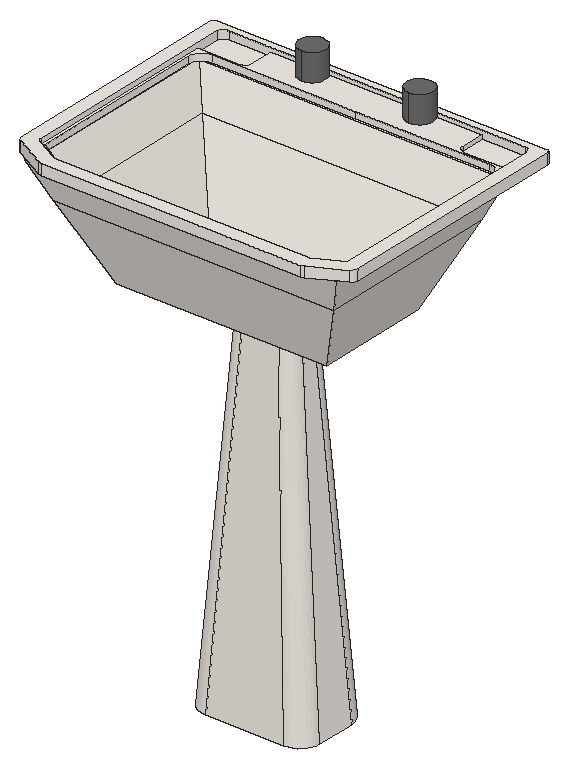
Revit family
Parameters
  Pedestal Height = 570 mm
  Material of Fixture = Fixture Material
  Material of Basin = Basin Material
Reference planes
  plane 1 "Center (Front/Back)": y = 0
  plane 2: z = 0
  plane 3 "Center (Left/Right)": x = 0
  plane 4: x = -255
  plane 5: x = 255
  plane 6: y = 200
  plane 7: y = -200
  plane 8: z = 570
Forms (mm)
  Blend 1, solid, material "Basin Material" <- "Material of Basin"
    base sketch origin (0, 0, 0) x (1, 0, 0) y (0, 1, 0)
      loop
        line (-90, 29.644) -> (-90, -29.644)
        arc (-90, -29.644) -> (-81.109, -51.109) -> (-59.644, -60) r 30.356
        line (-59.644, -60) -> (59.644, -60)
        arc (59.644, -60) -> (81.109, -51.109) -> (90, -29.644) r 30.356
        line (90, -29.644) -> (90, 29.644)
        arc (90, 29.644) -> (81.109, 51.109) -> (59.644, 60) r 30.356
        line (59.644, 60) -> (-59.644, 60)
        arc (-59.644, 60) -> (-81.109, 51.109) -> (-90, 29.644) r 30.356
    top sketch origin (0, 0, 0) x (1, 0, 0) y (0, 1, 0)
      loop
        line (-44.644, 10) -> (-44.644, -10)
        arc (-44.644, -10) -> (-38.891, -23.891) -> (-25, -29.644) r 19.644
        line (-25, -29.644) -> (25, -29.644)
        arc (25, -29.644) -> (38.891, -23.891) -> (44.644, -10) r 19.644
        line (44.644, -10) -> (44.644, 10)
        arc (44.644, 10) -> (38.891, 23.891) -> (25, 29.644) r 19.644
        line (25, 29.644) -> (-25, 29.644)
        arc (-25, 29.644) -> (-38.891, 23.891) -> (-44.644, 10) r 19.644
    from 0 to 570
  Extrusion 2, solid, material "Basin Material" <- "Material of Basin"
    sketch origin (0, 0, 570) x (0, -1, 0) y (-1, 0, 0)
      loop
        line (-200, 250) -> (-200, -250)
        arc (-200, -250) -> (-198.535, -253.535) -> (-195, -255) r 5
        line (-195, -255) -> (164.049, -255)
        arc (164.049, -255) -> (169.098, -253.445) -> (172.858, -249.734) r 11.109
        line (172.858, -249.734) -> (198.808, -201.445) -> (200, -196.711) -> (200, 196.711) -> (198.808, 201.445) -> (172.858, 249.734)
        arc (172.858, 249.734) -> (169.098, 253.445) -> (164.049, 255) r 11.109
        line (164.049, 255) -> (-195, 255)
        arc (-195, 255) -> (-198.535, 253.535) -> (-200, 250) r 5
      loop
        line (152.574, 235) -> (-180, 235)
        arc (-180, 235) -> (-186.83, 231.83) -> (-190, 225) r 10.953
        line (-190, 225) -> (-190, -225)
        arc (-190, -225) -> (-186.83, -231.83) -> (-180, -235) r 10.953
        line (-180, -235) -> (152.574, -235)
        arc (152.574, -235) -> (156.4, -234.239) -> (159.645, -232.071) r 10
        line (159.645, -232.071) -> (177.071, -199.645)
        arc (177.071, -199.645) -> (179.189, -196.38) -> (180, -192.574) r 10.705
        line (180, -192.574) -> (180, 192.573)
        arc (180, 192.573) -> (178.892, 196.257) -> (177.071, 199.645) r 19.157
        line (177.071, 199.645) -> (159.645, 232.071)
        arc (159.645, 232.071) -> (156.4, 234.239) -> (152.574, 235) r 10
    from -176 to -192
  Extrusion 3, solid, material "Basin Material" <- "Material of Basin"
    sketch origin (0, 0, 570) x (0, -1, 0) y (-1, 0, 0)
      loop
        line (-140, -7.769) -> (-140, -210)
        arc (-140, -210) -> (-134.142, -224.142) -> (-120, -230) r 20
        line (-120, -230) -> (152.574, -230) -> (175, -192.574) -> (175, 192.573) -> (152.574, 230) -> (-120, 230)
        arc (-120, 230) -> (-134.142, 224.142) -> (-140, 210) r 20
        line (-140, 210) -> (-140, -7.769)
      loop
        line (-190, -159.757) -> (-153, -159.757)
        arc (-153, -159.757) -> (-145.929, -162.686) -> (-143, -169.757) r 10
        line (-143, -169.757) -> (-143, -235) -> (152.574, -235)
        arc (152.574, -235) -> (156.4, -234.239) -> (159.645, -232.071) r 10
        line (159.645, -232.071) -> (177.071, -199.645)
        arc (177.071, -199.645) -> (179.189, -196.38) -> (180, -192.574) r 10.705
        line (180, -192.574) -> (180, 192.573)
        arc (180, 192.573) -> (178.892, 196.257) -> (177.071, 199.645) r 19.157
        line (177.071, 199.645) -> (159.645, 232.071)
        arc (159.645, 232.071) -> (156.4, 234.239) -> (152.574, 235) r 10
        line (152.574, 235) -> (-143, 235) -> (-143, 169.757)
        arc (-143, 169.757) -> (-145.929, 162.686) -> (-153, 159.757) r 10
        line (-153, 159.757) -> (-190, 159.757) -> (-190, -159.757)
    from -175.633 to -185.633
  Extrusion 4, solid, material "Basin Material" <- "Material of Basin"
    sketch origin (0, 0, 570) x (0, -1, 0) y (-1, 0, 0)
      loop
        arc (-153, 159.757) -> (-145.929, 162.686) -> (-143, 169.757) r 10
        line (-143, 169.757) -> (-143, 235) -> (-180, 235)
        arc (-180, 235) -> (-187.071, 232.071) -> (-190, 225) r 10
        line (-190, 225) -> (-190, 159.757) -> (-153, 159.757)
      loop
        line (-153, -159.757) -> (-190, -159.757) -> (-190, -225)
        arc (-190, -225) -> (-187.071, -232.071) -> (-180, -235) r 10
        line (-180, -235) -> (-143, -235) -> (-143, -169.757)
        arc (-143, -169.757) -> (-145.929, -162.686) -> (-153, -159.757) r 10
    from -176 to -180
  Sweep 5, solid, material "Basin Material" <- "Material of Basin"
    path origin (0, 0, 570) x (0, -1, 0) y (1, 0, 0)
      loop
        line (-140, -230) -> (175, -230) -> (175, 230) -> (-140, 230) -> (-140, -230)
    profile origin (0, -17.5, 0) x (1, 0, 0) y (0, 0, 1)
      loop
        line (-228.18, 745.633) -> (-236.871, 745.633) -> (-211.933, 686.881) -> (-184.84, 626.596) -> (-159.404, 570) -> (-150.633, 570) -> (-177.543, 629.876) -> (-204.601, 690.084) -> (-228.18, 745.633)
  Extrusion 6, solid, material "Basin Material" <- "Material of Basin"
    sketch origin (0, 0, 570) x (0, -1, 0) y (-1, 0, 0)
      loop
        circle (0, 0) r 25
      loop
        line (-68.633, 158.633) -> (-68.633, -158.633) -> (103.633, -158.633) -> (103.633, 158.633) -> (-68.633, 158.633)
    from 0 to -8
  Extrusion 7, solid, material "Fixture Material" <- "Material of Fixture"
    sketch origin (0, 0, 570) x (0, -1, 0) y (-1, 0, 0)
      loop
        circle (-169.7, 81.47) r 20
      loop
        circle (-169.7, -81.47) r 20
    from -192 to -232
Dimensions and locks
  locked: plane 4 to plane 5 at 510
  locked: plane 7 to plane 6 at 400
  "Pedestal Height": plane 8 to level
  level to Extrusion 2 = 762 mm
  Extrusion 2 to level = 762 mm  (x3)
  aligned and locked: plane 8 to Blend 1
  aligned and locked: Extrusion 3 sketch curve to Extrusion 3 sketch curve
  aligned and locked: Extrusion 2 to Extrusion 3 sketch curve  (x2)
  aligned and locked: Extrusion 3 sketch curve to Extrusion 2  (x7)
  aligned and locked: Extrusion 4 sketch curve to Extrusion 3
  aligned and locked: Sweep 5 sketch curve to Extrusion 3  (x2)
  aligned and locked: Sweep 5 sketch curve to plane 8
  aligned and locked: Extrusion 7 to Extrusion 2
Automatic sketch dimensions
  Blend 1 sketch curve to plane 1 "Center (Front/Back)" = 29.644 mm  (x2)
  Blend 1 sketch curve to plane 3 "Center (Left/Right)" = 90 mm
  Blend 1 sketch curve to Blend 1 sketch curve = 30.356 mm  (x2)
  plane 1 "Center (Front/Back)" to Blend 1 sketch curve = 29.644 mm
  plane 3 "Center (Left/Right)" to Blend 1 sketch curve = 59.644 mm  (x2)
  Blend 1 sketch curve to plane 1 "Center (Front/Back)" = 10 mm
  Blend 1 sketch curve to plane 3 "Center (Left/Right)" = 44.644 mm
  Blend 1 sketch curve to plane 3 "Center (Left/Right)" = 25 mm  (x2)
  plane 1 "Center (Front/Back)" to Blend 1 sketch curve = 10 mm
  plane 3 "Center (Left/Right)" to Blend 1 sketch curve = 25 mm  (x2)
  Blend 1 sketch curve to Blend 1 sketch curve = 19.644 mm
  plane 6 to Extrusion 2 sketch curve = 5 mm
  Extrusion 2 sketch curve to plane 5 = 5 mm
  Extrusion 2 sketch curve to Extrusion 2 sketch curve = 10 mm  (x4)
  Extrusion 2 sketch curve to Extrusion 2 sketch curve = 0.915 mm
  Extrusion 2 sketch curve to Extrusion 2 sketch curve = 10.915 mm  (x2)
  Extrusion 2 sketch curve to Extrusion 2 sketch curve = 27.426 mm
  Extrusion 2 sketch curve to plane 5 = 22.929 mm
  Extrusion 2 sketch curve to Extrusion 2 sketch curve = 7.071 mm  (x3)
  Extrusion 2 sketch curve to Extrusion 2 sketch curve = 18.807 mm
  plane 4 to Extrusion 2 sketch curve = 11.09 mm
  Extrusion 2 sketch curve to Extrusion 2 sketch curve = 3.753 mm  (x2)
  Extrusion 2 sketch curve to plane 5 = 11.09 mm
  Extrusion 2 sketch curve to Extrusion 2 sketch curve = 0.652 mm  (x2)
  Extrusion 2 sketch curve to Extrusion 2 sketch curve = 10.701 mm
  Extrusion 2 sketch curve to Extrusion 2 sketch curve = 2.929 mm  (x3)
  Extrusion 2 sketch curve to Extrusion 2 sketch curve = 7.361 mm
  Extrusion 3 sketch curve to Extrusion 3 sketch curve = 10 mm  (x2)
  Extrusion 3 sketch curve to Extrusion 3 sketch curve = 20 mm
  Extrusion 3 sketch curve to Extrusion 3 sketch curve = 23 mm
  Extrusion 3 sketch curve to Extrusion 3 sketch curve = 0 mm  (x4)
  plane 3 "Center (Left/Right)" to Extrusion 3 sketch curve = 7.769 mm
  plane 6 to Extrusion 4 sketch curve = 20 mm
  Extrusion 4 sketch curve to Extrusion 4 sketch curve = 10 mm  (x2)
  plane 4 to Extrusion 4 sketch curve = 20 mm
  plane 6 to Extrusion 4 sketch curve = 10 mm
  Extrusion 4 sketch curve to Extrusion 4 sketch curve = 37 mm  (x2)
  Extrusion 4 sketch curve to plane 5 = 95.243 mm
  Extrusion 4 sketch curve to plane 5 = 30 mm
  plane 6 to Sweep 5 sketch curve = 60 mm
  profile plane to Sweep 5 sketch curve = 6.871 mm
  Sweep 5 sketch curve to profile plane = 1.82 mm
  Sweep 5 sketch curve to profile plane = 18.067 mm
  Sweep 5 sketch curve to Sweep 5 sketch curve = 7.331 mm
  Sweep 5 sketch curve to profile plane = 45.16 mm
  Sweep 5 sketch curve to Sweep 5 sketch curve = 7.297 mm
  Sweep 5 sketch curve to Sweep 5 sketch curve = 25.435 mm
  Sweep 5 sketch curve to Sweep 5 sketch curve = 8.771 mm
  Sweep 5 sketch curve to plane 8 = 56.596 mm
  Sweep 5 sketch curve to Sweep 5 sketch curve = 3.279 mm
  Sweep 5 sketch curve to Sweep 5 sketch curve = 60.285 mm
  Sweep 5 sketch curve to Sweep 5 sketch curve = 3.203 mm
  Sweep 5 sketch curve to Sweep 5 sketch curve = 58.751 mm
  plane 4 to Sweep 5 sketch curve = 25 mm
  Extrusion 6 sketch curve to plane 1 "Center (Front/Back)" = 0 mm
  Extrusion 6 sketch curve to plane 3 "Center (Left/Right)" = 0 mm
  plane 4 to Extrusion 6 sketch curve = 96.367 mm
  Extrusion 6 sketch curve to plane 7 = 96.367 mm
  Extrusion 6 sketch curve to plane 1 "Center (Front/Back)" = 68.633 mm
  Extrusion 6 sketch curve to plane 5 = 96.367 mm
  Extrusion 2 sketch curve to plane 6 = 0 mm
  Extrusion 2 sketch curve to plane 5 = 0 mm
  Extrusion 2 sketch curve to plane 4 = 0 mm
  Extrusion 2 sketch curve to plane 7 = 0 mm
  plane 6 to Extrusion 2 sketch curve = 10 mm
  Extrusion 2 sketch curve to plane 7 = 47.426 mm  (x2)
  Extrusion 2 sketch curve to Extrusion 2 sketch curve = 8.809 mm  (x2)
  Extrusion 2 sketch curve to plane 7 = 1.191 mm  (x2)
  plane 4 to Extrusion 2 sketch curve = 20 mm
  Extrusion 2 sketch curve to Extrusion 2 sketch curve = 30.626 mm
  Extrusion 2 sketch curve to Extrusion 2 sketch curve = 1.801 mm
  Extrusion 2 sketch curve to Extrusion 2 sketch curve = 4.734 mm  (x2)
  Extrusion 2 sketch curve to Extrusion 2 sketch curve = 32.717 mm
  Extrusion 2 sketch curve to Extrusion 2 sketch curve = 4.138 mm
  Extrusion 3 sketch curve to Extrusion 3 sketch curve = 37 mm  (x2)
  Extrusion 3 sketch curve to Extrusion 3 sketch curve = 3 mm
  Extrusion 3 sketch curve to Extrusion 3 sketch curve = 5 mm  (x2)
  Extrusion 3 sketch curve to Extrusion 3 sketch curve = 40.243 mm
  Extrusion 3 sketch curve to Extrusion 3 sketch curve = 75.243 mm
  Extrusion 3 sketch curve to Extrusion 3 sketch curve = 25 mm
  plane 6 to Extrusion 7 sketch curve = 30.3 mm  (x2)
  Extrusion 7 sketch curve to plane 3 "Center (Left/Right)" = 81.47 mm
  plane 3 "Center (Left/Right)" to Extrusion 7 sketch curve = 81.47 mm
  radius of Extrusion 6 sketch curve = 25 mm
  radius of Extrusion 7 sketch curve = 20 mm  (x2)
